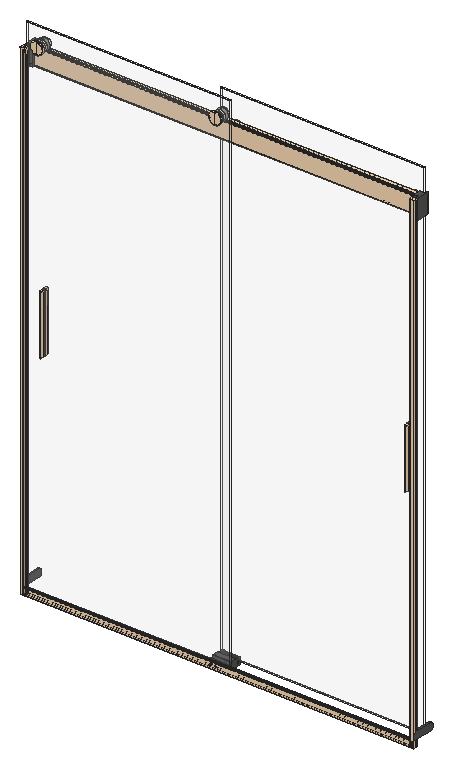
Revit family "Shower-Shower_Door-KOHLER-Levity-K-706383_1", category Specialty Equipment, host Face, Revit 2021 (continued)
Definition of nested family "K-706383"
  Lines and regions (in)
    symbolic lines, detail levels medium+fine
      curve 168: arc (-2.67973, 1.17016, 0) -> (-2.66535, 1.17976, 0) -> (-2.6484, 1.18313, 0) r 0.0443
      curve 169: line (-1.29024, 0.85754, 0) -> (-1.29024, 1.14013, 0)
      curve 170: line (-1.29024, 1.14013, 0) -> (-1.32166, 1.17155, 0)
      curve 171: arc (-1.32166, 1.17155, 0) -> (-1.3345, 1.18012, 0) -> (-1.34964, 1.18313, 0) r 0.03956
      curve 172: line (-1.29024, 0.85754, 0) -> (-1.2557, 0.85754, 0)
      curve 173: arc (-1.2557, 0.85754, 0) -> (-1.18604, 0.66967, 0) -> (-1.2557, 0.48179, 0) r 0.28819
      curve 174: arc (-2.7443, 0.85754, 0) -> (-2.81778, 0.66967, 0) -> (-2.7443, 0.48179, 0) r 0.27693
      curve 175: line (-1.2557, 0.48179, 0) -> (-1.45253, 0.48179, 0)
      curve 176: line (-1.45253, 0.48179, 0) -> (-1.45253, 0.35633, 0)
      curve 177: line (-1.45253, 0.35633, 0) -> (-1.28916, 0.35633, 0)
      curve 178: line (-1.28916, 0.35633, 0) -> (-1.28916, 0.156, 0)
      curve 179: line (-2.54747, 0.35633, 0) -> (-1.45253, 0.35633, 0)
      curve 180: line (-2.54747, 0.48179, 0) -> (-1.45253, 0.48179, 0)
      curve 181: line (-2.70976, 0.85754, 0) -> (-1.29024, 0.85754, 0)
      curve 182: line (-2.70976, 1.14013, 0) -> (-1.29024, 1.14013, 0)
      curve 183: line (-1.45253, 0.4011, 0) -> (-0.46585, 0.4011, 0)
      curve 184: line (-30.55611, -0.37699, 0) -> (-29.67101, -0.37699, 0)
      curve 185: line (-28.29206, -0.37699, 0) -> (-2.65912, -0.37699, 0)
      curve 186: line (-1.34088, -0.37699, 0) -> (27.55906, -0.37699, 0)
      curve 187: line (27.55906, -0.33981, 0) -> (27.55906, -0.77438, 0)
      curve 188: line (28.29811, -0.2499, 0) -> (27.64896, -0.2499, 0)
      curve 189: arc (27.64896, -0.2499, 0) -> (27.58539, -0.27623, 0) -> (27.55906, -0.33981, 0) r 0.08991
      curve 190: line (27.96796, -0.08606, 0) -> (27.96796, -0.2499, 0)
      curve 191: line (27.9967, -0.22215, 0) -> (28.26953, -0.22215, 0)
      curve 192: arc (28.26953, -0.22215, 0) -> (28.28974, -0.21377, 0) -> (28.29811, -0.19356, 0) r 0.02858
      curve 193: arc (27.96796, -0.19341, 0) -> (27.97638, -0.21373, 0) -> (27.9967, -0.22215, 0) r 0.02874
      curve 194: line (27.29521, 0.4011, 0) -> (27.29521, 1.34403, 0)
      curve 195: line (27.96796, 0.27119, 0) -> (27.96796, 1.49455, 0)
      curve 196: line (28.269, 1.8242, 0) -> (27.99632, 1.82065, 0)
      curve 197: arc (27.99632, 1.82065, 0) -> (27.97624, 1.8121, 0) -> (27.96796, 1.79191, 0) r 0.02874
      curve 198: arc (28.29811, 1.79546, 0) -> (28.28956, 1.81592, 0) -> (28.269, 1.8242, 0) r 0.02874
      curve 199: line (-1.69211, 1.89685, 0) -> (-0.37387, 1.89685, 0)
      curve 200: line (-1.69211, 2.19273, 0) -> (-0.37387, 2.19273, 0)
      curve 201: line (-1.96878, 2.23255, 0) -> (-0.09719, 2.23255, 0)
      curve 202: line (-0.09719, 2.35828, 0) -> (-1.96878, 2.35828, 0)
      curve 203: line (-1.74383, 1.58485, 0) -> (-0.32215, 1.58485, 0)
      curve 204: line (-1.58046, 1.38684, 0) -> (-0.48552, 1.38684, 0)
      curve 205: line (25.29164, 2.39994, 0) -> (25.54957, 2.39994, 0)
      curve 206: line (25.26462, 2.19273, 0) -> (26.63431, 2.19273, 0)
      curve 207: line (25.03951, 2.3584, 0) -> (26.91087, 2.3584, 0)
      curve 208: line (26.91087, 2.23243, 0) -> (25.03951, 2.23243, 0)
      curve 209: line (25.23305, 1.89685, 0) -> (26.63431, 1.89699, 0)
      curve 210: line (25.23305, 1.58486, 0) -> (26.68603, 1.58485, 0)
      curve 211: line (25.3199, 2.19273, 0) -> (25.3199, 1.89686, 0)
      curve 212: line (26.52266, 1.38684, 0) -> (25.26435, 1.38684, 0)
      curve 213: line (25.26435, 1.38684, 0) -> (25.26435, 1.58486, 0)
      curve 214: line (25.42772, 1.38684, 0) -> (25.42772, 1.34403, 0)
      curve 215: line (-30.31778, 1.00859, 0) -> (-29.72165, 1.00859, 0)
      curve 216: line (27.29521, 0.92184, 0) -> (-1.29024, 0.92184, 0)
      curve 217: line (27.29521, 0.87188, 0) -> (-1.29024, 0.87188, 0)
      curve 218: line (27.29521, 0.46738, 0) -> (-1.45253, 0.46738, 0)
      curve 219: line (-29.72165, 0.92184, 0) -> (-30.31778, 0.92184, 0)
      curve 220: line (-29.72165, 0.87188, 0) -> (-30.31778, 0.87188, 0)
      curve 221: line (-29.55936, 0.46738, 0) -> (-30.31778, 0.46738, 0)
      curve 222: line (-28.30214, 1.00859, 0) -> (-2.70976, 1.00859, 0)
      curve 223: line (-2.70976, 0.92184, 0) -> (-28.30214, 0.92184, 0)
      curve 224: line (-2.70976, 0.87188, 0) -> (-28.30214, 0.87188, 0)
      curve 225: line (-1.29024, 1.00859, 0) -> (27.29521, 1.00859, 0)
      curve 226: line (-2.54475, 0.46738, 0) -> (-28.46443, 0.46738, 0)
      curve 227: line (-3.23838, 1.34403, 0) -> (-0.46585, 1.34403, 0)
      curve 228: line (-3.23838, 1.49801, 0) -> (-0.46585, 1.49801, 0)
      curve 229: line (-3.23838, 2.01159, 0) -> (-0.46585, 2.01159, 0)
      curve 230: line (-3.23838, -0.156, 0) -> (-3.23838, -0.37699, 0)
  Dimensions and locks (in)
    "Walk Thru": plane 4 to plane 3 "Center (Left/Right)"
    plane 5 to plane 4 = 0.73906"
    plane 6 to plane 5 = 59.60638"
    "Fixed Panel": plane 3 "Center (Left/Right)" to plane 6
    plane 8 to level = 77.55906"
    plane 9 to level = 32.99213"
    locked: plane 10 to plane 9 at 9.01575
    locked: plane 11 "s1" to plane 6 at 2.29637
    locked: plane 12 to plane 6 at 0.29533
    locked: plane 6 to plane 13 at 2.85102
    plane 16 "S3" to plane 3 "Center (Left/Right)" = 1.03299"
    locked: plane 16 "S3" to plane 5 at 29.3311
    locked: plane 17 to plane 16 "S3" at 2
    locked: plane 18 "s4" to plane 5 at 2.32293
    locked: plane 19 to plane 5 at 0.33016
    locked: plane 18 "s4" to plane 20 at 0.55464
    locked: plane 22 to plane 21 at 2.55906
    plane 21 to level = 71.5748"
    locked: plane 6 to Extrusion 1 sketch curve at 0.75216
    plane 24 to plane 23 = 3.46457"
    locked: plane 6 to Extrusion 4 sketch curve at 0.99049
    locked: Extrusion 10 sketch curve to plane 13 at 0.1875
    Extrusion 10 sketch curve to Extrusion 10 sketch curve = 3/8"
    Extrusion 11 sketch curve to Extrusion 11 sketch curve = 3/8"
    locked: Extrusion 21 sketch curve to plane 20 at 0.1875
    locked: Extrusion 21 sketch curve to Extrusion 21 sketch curve at 0.375
    locked: Extrusion 22 sketch curve to Extrusion 22 sketch curve at 0.375
    Masking region 3 sketch curve to plane 3 "Center (Left/Right)" = 3.23838"
    locked: Extrusion 27 sketch curve to plane 13 at 0.1875
    locked: Extrusion 27 sketch curve to Extrusion 27 sketch curve at 0.37532  (x2)
    locked: Extrusion 28 sketch curve to plane 20 at 0.1875
    locked: Extrusion 28 sketch curve to Extrusion 28 sketch curve at 0.375  (x2)
    aligned and locked: plane 2 to level
    aligned and locked: Extrusion 1 sketch curve to plane 6  (x2)
    aligned and locked: Extrusion 2 sketch curve to plane 6
    aligned and locked: Extrusion 2 sketch curve to Extrusion 1
    aligned and locked: Extrusion 4 sketch curve to plane 6
    aligned and locked: Extrusion 5 to plane 6
    aligned and locked: plane 12 to Extrusion 5
    aligned and locked: Extrusion 6 to plane 12
    aligned and locked: plane 19 to Extrusion 6
    aligned and locked: plane 19 to Extrusion 7
    aligned and locked: Extrusion 7 to plane 12
    aligned and locked: Extrusion 8 sketch curve to plane 12
    aligned and locked: Extrusion 8 sketch curve to plane 3 "Center (Left/Right)"
    aligned and locked: Extrusion 16 sketch curve to plane 17
    aligned and locked: Extrusion 16 sketch curve to plane 19
    aligned and locked: plane 8 to Extrusion 16
    aligned and locked: Extrusion 17 sketch curve to plane 4
    aligned and locked: plane 5 to Extrusion 17 sketch curve  (x2)
    aligned and locked: Extrusion 18 sketch curve to plane 4
    aligned and locked: Extrusion 18 sketch curve to plane 5
    aligned and locked: plane 5 to Extrusion 19 sketch curve
    aligned and locked: Extrusion 19 sketch curve to plane 19  (x2)
    aligned and locked: Extrusion 20 to plane 5
    aligned and locked: Extrusion 20 to plane 19
    aligned and locked: Masking region 1 sketch curve to plane 12
    aligned and locked: Masking region 1 sketch curve to plane 6
    aligned and locked: Masking region 1 sketch curve to plane 19
    aligned and locked: Masking region 1 sketch curve to plane 5
    aligned and locked: curve 1 to Revolve 3
    aligned and locked: curve 2 to Revolve 3
    aligned and locked: curve 6 to cut or joined group of Extrusion 1, Extrusion 2
    aligned and locked: curve 20 to Extrusion 10
    aligned and locked: curve 26 to Extrusion 21
    aligned and locked: curve 27 to Extrusion 21
    aligned and locked: Masking region 3 sketch curve to plane 6
    aligned and locked: Masking region 3 sketch curve to Extrusion 8
    aligned and locked: Masking region 3 sketch curve to plane 12
    aligned and locked: Masking region 3 sketch curve to Extrusion 12
    aligned and locked: Masking region 3 sketch curve to plane 19  (x2)
    aligned and locked: Masking region 3 sketch curve to plane 5
    aligned and locked: Masking region 4 sketch curve to plane 17
    aligned and locked: Masking region 4 sketch curve to plane 19
    aligned and locked: curve 187 to plane 4
    aligned and locked: Extrusion 24 to plane 12
    aligned and locked: plane 19 to Extrusion 24
    aligned and locked: Extrusion 25 sketch curve to plane 6
    aligned and locked: Extrusion 26 to plane 12
    aligned and locked: plane 19 to Extrusion 26
    aligned and locked: curve 202 to Masking region 4
    aligned and locked: Masking region 4 to curve 201
    aligned and locked: curve 200 to Masking region 4
    aligned and locked: Masking region 4 to curve 199
    aligned and locked: curve 203 to Masking region 4
    aligned and locked: curve 204 to Masking region 4
    aligned and locked: Masking region 4 to curve 204
    aligned and locked: Masking region 4 to curve 203
    aligned and locked: curve 199 to Masking region 4
    aligned and locked: Masking region 4 to curve 200
    aligned and locked: curve 201 to Masking region 4
    aligned and locked: Masking region 4 to curve 202
    aligned and locked: Masking region 3 to curve 229  (x2)
    aligned and locked: Masking region 3 to curve 228  (x2)
    aligned and locked: Masking region 3 to curve 227
    aligned and locked: curve 227 to Masking region 3
  Automatic sketch dimensions
    plane 7 to Revolve 3 sketch curve = 0"  (x2)
    Revolve 3 sketch curve to plane 7 = 0.09308"
    Revolve 3 sketch curve to plane 7 = 0.52573"
    Revolve 3 sketch curve to Revolve 3 sketch curve = 0.02173"
    Revolve 3 sketch curve to Revolve 3 sketch curve = 0.12189"
    Revolve 3 sketch curve to Revolve 3 sketch curve = 0.56604"
    Revolve 3 sketch curve to Revolve 3 sketch curve = 0.02902"
    Revolve 3 sketch curve to Revolve 3 sketch curve = 0.03311"
    Revolve 3 sketch curve to Revolve 3 sketch curve = 0.16338"
    Revolve 3 sketch curve to Revolve 3 sketch curve = 0.03346"
    Revolve 3 sketch curve to Revolve 3 sketch curve = 0.03455"
    plane 24 to Revolve 3 sketch curve = 0.20736"
    Revolve 3 sketch curve to Revolve 3 sketch curve = 0.23502"
    plane 24 to Revolve 3 sketch curve = 0.41457"
    Revolve 3 sketch curve to Revolve 3 sketch curve = 0.00185"
    plane 24 to Revolve 3 sketch curve = 0.2489"
    Revolve 3 sketch curve to Revolve 3 sketch curve = 0.04153"
    plane 1 "Center (Front/Back)" to Revolve 3 sketch curve = 0.15652"
    Revolve 3 sketch curve to plane 1 "Center (Front/Back)" = 0.156"
    Revolve 3 sketch curve to Revolve 3 sketch curve = 0.20033"
    Revolve 3 sketch curve to Revolve 3 sketch curve = 0.12547"
    Revolve 3 sketch curve to Revolve 3 sketch curve = 0.18787"
    Revolve 3 sketch curve to Revolve 3 sketch curve = 0.28233"
    Revolve 3 sketch curve to Revolve 3 sketch curve = 0.00025"
    Revolve 3 sketch curve to Revolve 3 sketch curve = 0.03112"
    Revolve 3 sketch curve to Revolve 3 sketch curve = 0.03969"
    Revolve 3 sketch curve to Revolve 3 sketch curve = 0"
    Revolve 3 sketch curve to plane 24 = 0.30346"
    Extrusion 5 sketch curve to plane 23 = 0"
    plane 24 to Extrusion 5 sketch curve = 0.033"
    level to Extrusion 5 sketch curve = 2.13356"
    Extrusion 5 sketch curve to Extrusion 5 sketch curve = 0.24987"
    Extrusion 5 sketch curve to Extrusion 5 sketch curve = 0.57403"
    Extrusion 5 sketch curve to Extrusion 5 sketch curve = 1/4"
    Extrusion 6 sketch curve to level = 0"  (x2)
    Extrusion 6 sketch curve to Extrusion 6 sketch curve = 0.01882"
    Extrusion 6 sketch curve to Extrusion 6 sketch curve = 0.01948"
    Extrusion 6 sketch curve to Extrusion 6 sketch curve = 0.02377"
    Extrusion 6 sketch curve to Extrusion 6 sketch curve = 0.05481"
    Extrusion 6 sketch curve to Extrusion 6 sketch curve = 0.05421"
    level to Extrusion 6 sketch curve = 0.07617"
    Extrusion 6 sketch curve to Extrusion 6 sketch curve = 0.07691"
    Extrusion 6 sketch curve to Extrusion 6 sketch curve = 0.01585"
    Extrusion 6 sketch curve to Extrusion 6 sketch curve = 0.05121"
    Extrusion 6 sketch curve to Extrusion 6 sketch curve = 0.07843"
    Extrusion 6 sketch curve to Extrusion 6 sketch curve = 0.01069"
    Extrusion 6 sketch curve to Extrusion 6 sketch curve = 0.06287"
    Extrusion 6 sketch curve to Extrusion 6 sketch curve = 0.0014"
    Extrusion 6 sketch curve to Extrusion 6 sketch curve = 0.01314"
    Extrusion 6 sketch curve to Extrusion 6 sketch curve = 0.10024"
    Extrusion 6 sketch curve to Extrusion 6 sketch curve = 0.00018"
    Extrusion 6 sketch curve to Extrusion 6 sketch curve = 0.11519"
    Extrusion 6 sketch curve to Extrusion 6 sketch curve = 0.00078"
    Extrusion 6 sketch curve to Extrusion 6 sketch curve = 0.38075"
    Extrusion 6 sketch curve to Extrusion 6 sketch curve = 0.00146"
    plane 24 to Extrusion 6 sketch curve = 0.4012"
    Extrusion 6 sketch curve to Extrusion 6 sketch curve = 0.03416"
    plane 24 to Extrusion 6 sketch curve = 0.31227"
    Extrusion 6 sketch curve to Extrusion 6 sketch curve = 0.00381"
    plane 1 "Center (Front/Back)" to Extrusion 6 sketch curve = 0.37959"
    Extrusion 6 sketch curve to Extrusion 6 sketch curve = 0.05057"
    Extrusion 6 sketch curve to Extrusion 6 sketch curve = 0.00122"
    Extrusion 6 sketch curve to Extrusion 6 sketch curve = 0.04093"
    Extrusion 6 sketch curve to Extrusion 6 sketch curve = 0.04531"
    Extrusion 6 sketch curve to Extrusion 6 sketch curve = 0.00304"
    Extrusion 6 sketch curve to Extrusion 6 sketch curve = 0.03323"
    Extrusion 6 sketch curve to Extrusion 6 sketch curve = 0.02088"
    Extrusion 6 sketch curve to Extrusion 6 sketch curve = 0.00043"
    Extrusion 6 sketch curve to Extrusion 6 sketch curve = 0.01301"
    Extrusion 6 sketch curve to Extrusion 6 sketch curve = 0.01922"
    Extrusion 6 sketch curve to Extrusion 6 sketch curve = 0.0509"
    Extrusion 6 sketch curve to level = 0.01209"
    plane 24 to Extrusion 6 sketch curve = 0.0876"
    Extrusion 6 sketch curve to Extrusion 6 sketch curve = 0.28394"
    plane 24 to Extrusion 6 sketch curve = 0.0583"
    Extrusion 6 sketch curve to Extrusion 6 sketch curve = 0.12996"
    plane 1 "Center (Front/Back)" to Extrusion 6 sketch curve = 0.10741"
    Extrusion 6 sketch curve to Extrusion 6 sketch curve = 0.01231"
    Extrusion 6 sketch curve to Extrusion 6 sketch curve = 0.29622"
    Extrusion 6 sketch curve to Extrusion 6 sketch curve = 0.03031"
    Extrusion 6 sketch curve to Extrusion 6 sketch curve = 0.02299"
    Extrusion 6 sketch curve to Extrusion 6 sketch curve = 0.0327"
    Extrusion 6 sketch curve to Extrusion 6 sketch curve = 0.02676"
    Extrusion 6 sketch curve to Extrusion 6 sketch curve = 0.00971"
    Extrusion 6 sketch curve to Extrusion 6 sketch curve = 0.00612"
    Extrusion 6 sketch curve to Extrusion 6 sketch curve = 0.01994"
    Extrusion 6 sketch curve to Extrusion 6 sketch curve = 0.0183"
    Extrusion 6 sketch curve to Extrusion 6 sketch curve = 0.09304"
    Extrusion 6 sketch curve to Extrusion 6 sketch curve = 0.05382"
    Extrusion 6 sketch curve to Extrusion 6 sketch curve = 0.00009"
    Extrusion 6 sketch curve to Extrusion 6 sketch curve = 0.01042"
    Extrusion 6 sketch curve to Extrusion 6 sketch curve = 0.0066"
    Extrusion 6 sketch curve to Extrusion 6 sketch curve = 0.03247"
    Extrusion 6 sketch curve to Extrusion 6 sketch curve = 0.04991"
    Extrusion 6 sketch curve to Extrusion 6 sketch curve = 0.01967"
    Extrusion 6 sketch curve to Extrusion 6 sketch curve = 0.10511"
    Extrusion 6 sketch curve to Extrusion 6 sketch curve = 0.04894"
    Extrusion 6 sketch curve to Extrusion 6 sketch curve = 0.05278"
    Extrusion 6 sketch curve to Extrusion 6 sketch curve = 0.00234"
    Extrusion 6 sketch curve to Extrusion 6 sketch curve = 0.01744"
    Extrusion 6 sketch curve to Extrusion 6 sketch curve = 0.07195"
    Extrusion 6 sketch curve to Extrusion 6 sketch curve = 0.02457"
    Extrusion 6 sketch curve to Extrusion 6 sketch curve = 0.02351"
    Extrusion 6 sketch curve to Extrusion 6 sketch curve = 0"  (x5)
    Extrusion 6 sketch curve to Extrusion 6 sketch curve = 0.01117"
    level to Extrusion 6 sketch curve = 0.06217"
    Extrusion 6 sketch curve to Extrusion 6 sketch curve = 0.02859"
    Extrusion 7 sketch curve to plane 22 = 0"  (x2)
    Extrusion 7 sketch curve to plane 21 = 0"
    Extrusion 7 sketch curve to plane 22 = 0.01963"
    Extrusion 7 sketch curve to plane 22 = 0.05022"
    Extrusion 7 sketch curve to Extrusion 7 sketch curve = 0.02463"
    Extrusion 7 sketch curve to plane 22 = 0.07879"
    Extrusion 7 sketch curve to Extrusion 7 sketch curve = 0.03142"
    Extrusion 7 sketch curve to plane 22 = 0.11244"
    Extrusion 7 sketch curve to Extrusion 7 sketch curve = 0.03783"
    Extrusion 7 sketch curve to plane 22 = 0.11637"
    Extrusion 7 sketch curve to Extrusion 7 sketch curve = 1/64"
    Extrusion 7 sketch curve to Extrusion 7 sketch curve = 0.01791"
    Extrusion 7 sketch curve to Extrusion 7 sketch curve = 0.02181"
    Extrusion 7 sketch curve to Extrusion 7 sketch curve = 0.03214"
    Extrusion 7 sketch curve to Extrusion 7 sketch curve = 0.0462"
    Extrusion 7 sketch curve to Extrusion 7 sketch curve = 0.06479"
    Extrusion 7 sketch curve to Extrusion 7 sketch curve = 0"
    Extrusion 7 sketch curve to Extrusion 7 sketch curve = 0.01484"
    Extrusion 7 sketch curve to Extrusion 7 sketch curve = 0.1"
    Extrusion 7 sketch curve to Extrusion 7 sketch curve = 0.01867"
    Extrusion 7 sketch curve to Extrusion 7 sketch curve = 0.01379"
    Extrusion 7 sketch curve to Extrusion 7 sketch curve = 0.01979"
    Extrusion 7 sketch curve to Extrusion 7 sketch curve = 0.02164"
    Extrusion 7 sketch curve to Extrusion 7 sketch curve = 0.0623"
    Extrusion 7 sketch curve to Extrusion 7 sketch curve = 0.08091"
    Extrusion 7 sketch curve to Extrusion 7 sketch curve = 0.05593"
    Extrusion 7 sketch curve to Extrusion 7 sketch curve = 0.05917"
    Extrusion 7 sketch curve to Extrusion 7 sketch curve = 0.02474"
    Extrusion 7 sketch curve to Extrusion 7 sketch curve = 0.10891"
    Extrusion 7 sketch curve to Extrusion 7 sketch curve = 0.06318"
    Extrusion 7 sketch curve to Extrusion 7 sketch curve = 0.08476"
    Extrusion 7 sketch curve to Extrusion 7 sketch curve = 0.09839"
    Extrusion 7 sketch curve to Extrusion 7 sketch curve = 0.02198"
    Extrusion 7 sketch curve to Extrusion 7 sketch curve = 0.09241"
    plane 21 to Extrusion 7 sketch curve = 0.3989"
    Extrusion 7 sketch curve to Extrusion 7 sketch curve = 0.0736"
    Extrusion 7 sketch curve to Extrusion 7 sketch curve = 0.00568"
    plane 21 to Extrusion 7 sketch curve = 0.31532"
    Extrusion 7 sketch curve to Extrusion 7 sketch curve = 0.01473"
    Extrusion 7 sketch curve to Extrusion 7 sketch curve = 0.04951"
    Extrusion 7 sketch curve to Extrusion 7 sketch curve = 0.08607"
    Extrusion 7 sketch curve to Extrusion 7 sketch curve = 0.05687"
    plane 21 to Extrusion 7 sketch curve = 0.16204"
    Extrusion 7 sketch curve to Extrusion 7 sketch curve = 0.0735"
    plane 21 to Extrusion 7 sketch curve = 0.07955"
    plane 21 to Extrusion 7 sketch curve = 0.04256"
    plane 21 to Extrusion 7 sketch curve = 0.02424"
    Extrusion 7 sketch curve to plane 25 = 0.39674"
    Extrusion 7 sketch curve to plane 25 = 0.39991"
    Extrusion 7 sketch curve to Extrusion 7 sketch curve = 0.06649"
    Extrusion 7 sketch curve to Extrusion 7 sketch curve = 0.06525"
    Extrusion 7 sketch curve to Extrusion 7 sketch curve = 0.03505"
    Extrusion 7 sketch curve to Extrusion 7 sketch curve = 0.02172"
    Extrusion 7 sketch curve to Extrusion 7 sketch curve = 0.02267"
    Extrusion 7 sketch curve to Extrusion 7 sketch curve = 0.01638"
    Extrusion 7 sketch curve to Extrusion 7 sketch curve = 0.0437"
    Extrusion 7 sketch curve to Extrusion 7 sketch curve = 0.0238"
    Extrusion 7 sketch curve to Extrusion 7 sketch curve = 0.09742"
    Extrusion 7 sketch curve to Extrusion 7 sketch curve = 0.19043"
    Extrusion 7 sketch curve to Extrusion 7 sketch curve = 1/32"
    Extrusion 7 sketch curve to Extrusion 7 sketch curve = 0.1036"
    Extrusion 7 sketch curve to Extrusion 7 sketch curve = 0.08675"
    Extrusion 7 sketch curve to Extrusion 7 sketch curve = 0.17646"
    Extrusion 7 sketch curve to Extrusion 7 sketch curve = 0.00718"
    Extrusion 7 sketch curve to Extrusion 7 sketch curve = 0.03369"
    Extrusion 7 sketch curve to Extrusion 7 sketch curve = 0.01723"
    Extrusion 7 sketch curve to Extrusion 7 sketch curve = 0.04085"
    Extrusion 7 sketch curve to Extrusion 7 sketch curve = 0.10724"
    Extrusion 7 sketch curve to Extrusion 7 sketch curve = 0.02423"
    Extrusion 7 sketch curve to Extrusion 7 sketch curve = 3/128"
    Extrusion 7 sketch curve to Extrusion 7 sketch curve = 0.03021"
    Extrusion 7 sketch curve to Extrusion 7 sketch curve = 0.07613"
    Extrusion 7 sketch curve to Extrusion 7 sketch curve = 0.11122"
    Extrusion 7 sketch curve to Extrusion 7 sketch curve = 0.00923"
    Extrusion 7 sketch curve to Extrusion 7 sketch curve = 0.00982"
    Extrusion 7 sketch curve to Extrusion 7 sketch curve = 0.01465"
    Extrusion 7 sketch curve to Extrusion 7 sketch curve = 0.05546"
    plane 7 to Revolve 9 sketch curve = 0"  (x2)
    Revolve 9 sketch curve to plane 7 = 0.09308"
    Revolve 9 sketch curve to plane 7 = 0.52573"
    Revolve 9 sketch curve to Revolve 9 sketch curve = 0.02173"
    Revolve 9 sketch curve to Revolve 9 sketch curve = 0.12189"
    Revolve 9 sketch curve to Revolve 9 sketch curve = 0.56604"
    Revolve 9 sketch curve to Revolve 9 sketch curve = 0.02902"
    Revolve 9 sketch curve to Revolve 9 sketch curve = 0.03311"
    Revolve 9 sketch curve to Revolve 9 sketch curve = 0.16338"
    Revolve 9 sketch curve to Revolve 9 sketch curve = 0.03346"
    Revolve 9 sketch curve to Revolve 9 sketch curve = 0.03455"
    plane 24 to Revolve 9 sketch curve = 0.20736"
    Revolve 9 sketch curve to Revolve 9 sketch curve = 0.23502"
    plane 24 to Revolve 9 sketch curve = 0.41457"
    Revolve 9 sketch curve to Revolve 9 sketch curve = 0.00185"
    plane 24 to Revolve 9 sketch curve = 0.2489"
    Revolve 9 sketch curve to Revolve 9 sketch curve = 0.04153"
    plane 1 "Center (Front/Back)" to Revolve 9 sketch curve = 0.15652"
    Revolve 9 sketch curve to plane 1 "Center (Front/Back)" = 0.156"
    Revolve 9 sketch curve to Revolve 9 sketch curve = 0.20033"
    Revolve 9 sketch curve to Revolve 9 sketch curve = 0.12547"
    Revolve 9 sketch curve to Revolve 9 sketch curve = 0.18787"
    Revolve 9 sketch curve to Revolve 9 sketch curve = 0.28233"
    Revolve 9 sketch curve to Revolve 9 sketch curve = 0.00025"
    Revolve 9 sketch curve to Revolve 9 sketch curve = 0.03112"
    Revolve 9 sketch curve to Revolve 9 sketch curve = 0.03969"
    Revolve 9 sketch curve to Revolve 9 sketch curve = 0"
    Revolve 9 sketch curve to plane 24 = 0.30346"
    Extrusion 10 sketch curve to plane 9 = 0"
    Extrusion 10 sketch curve to plane 10 = 0"
    Extrusion 11 sketch curve to plane 9 = 0"
    Extrusion 11 sketch curve to plane 10 = 0"
    plane 13 to Extrusion 11 sketch curve = 3/16"
    plane 13 to Extrusion 12 sketch curve = 0.187"  (x2)
    Extrusion 12 sketch curve to Extrusion 12 sketch curve = 0.02062"  (x2)
    plane 13 to Extrusion 12 sketch curve = 0.13166"  (x2)
    Extrusion 12 sketch curve to Extrusion 12 sketch curve = 0.02972"  (x2)
    Extrusion 12 sketch curve to plane 13 = 0.10197"  (x2)
    Extrusion 12 sketch curve to Extrusion 12 sketch curve = 0.0297"  (x2)
    Extrusion 12 sketch curve to plane 13 = 0.16629"  (x2)
    Extrusion 12 sketch curve to Extrusion 12 sketch curve = 0.02071"  (x2)
    plane 24 to Extrusion 12 sketch curve = 0.18787"
    Extrusion 12 sketch curve to Extrusion 12 sketch curve = 0.02627"
    Extrusion 12 sketch curve to Extrusion 12 sketch curve = 0.0263"
    plane 1 "Center (Front/Back)" to Extrusion 12 sketch curve = 0.19941"
    plane 1 "Center (Front/Back)" to Extrusion 12 sketch curve = 0.1993"
    Extrusion 12 sketch curve to Extrusion 12 sketch curve = 0.00254"
    Extrusion 12 sketch curve to plane 1 "Center (Front/Back)" = 0.176"
    Extrusion 12 sketch curve to Extrusion 12 sketch curve = 0.02077"
    Extrusion 12 sketch curve to Extrusion 12 sketch curve = 0.02087"
    Extrusion 12 sketch curve to Extrusion 12 sketch curve = 0.44956"
    Extrusion 12 sketch curve to Extrusion 12 sketch curve = 0.00003"
    Extrusion 12 sketch curve to Extrusion 12 sketch curve = 0.00365"
    Extrusion 13 sketch curve to level = 0"
    plane 24 to Extrusion 13 sketch curve = 0.36045"
    Extrusion 13 sketch curve to Extrusion 13 sketch curve = 0.0767"
    Extrusion 13 sketch curve to Extrusion 13 sketch curve = 0.02056"
    Extrusion 13 sketch curve to Extrusion 13 sketch curve = 0.02408"
    plane 1 "Center (Front/Back)" to Extrusion 13 sketch curve = 0.37665"
    Extrusion 13 sketch curve to Extrusion 13 sketch curve = 0.03427"
    plane 1 "Center (Front/Back)" to Extrusion 13 sketch curve = 0.09772"
    Extrusion 13 sketch curve to Extrusion 13 sketch curve = 0.03183"
    plane 1 "Center (Front/Back)" to Extrusion 13 sketch curve = 0.01254"
    Extrusion 13 sketch curve to plane 1 "Center (Front/Back)" = 0.00612"
    Extrusion 13 sketch curve to Extrusion 13 sketch curve = 0.02193"  (x2)
    Extrusion 13 sketch curve to plane 1 "Center (Front/Back)" = 0.03921"
    Extrusion 13 sketch curve to Extrusion 13 sketch curve = 0.08972"
    Extrusion 13 sketch curve to Extrusion 13 sketch curve = 0.19027"
    level to Extrusion 13 sketch curve = 0.21622"
    Extrusion 13 sketch curve to Extrusion 13 sketch curve = 0.0816"
    Extrusion 13 sketch curve to plane 1 "Center (Front/Back)" = 0.44457"
    Extrusion 13 sketch curve to Extrusion 13 sketch curve = 0.05027"
    Extrusion 13 sketch curve to Extrusion 13 sketch curve = 0.03646"
    Extrusion 13 sketch curve to plane 1 "Center (Front/Back)" = 0.55799"
    Extrusion 13 sketch curve to plane 25 = 0.27007"
    Extrusion 13 sketch curve to Extrusion 13 sketch curve = 0.02731"
    Extrusion 13 sketch curve to Extrusion 13 sketch curve = 0.04913"
    Extrusion 13 sketch curve to Extrusion 13 sketch curve = 0.02106"
    Extrusion 13 sketch curve to plane 25 = 0.1301"
    Extrusion 13 sketch curve to plane 25 = 0.04599"
    plane 25 to Extrusion 13 sketch curve = 0.14827"
    Extrusion 13 sketch curve to Extrusion 13 sketch curve = 0.08188"
    plane 25 to Extrusion 13 sketch curve = 0.24445"
    Extrusion 13 sketch curve to Extrusion 13 sketch curve = 0.02637"
    Extrusion 13 sketch curve to Extrusion 13 sketch curve = 0.12512"
    Extrusion 13 sketch curve to Extrusion 13 sketch curve = 0.02645"
    Extrusion 13 sketch curve to Extrusion 13 sketch curve = 0.24676"
    level to Extrusion 13 sketch curve = 0.0926"
    Extrusion 13 sketch curve to Extrusion 13 sketch curve = 0.03524"
    level to Extrusion 13 sketch curve = 0.13878"
    level to Extrusion 13 sketch curve = 0.13999"
    Extrusion 13 sketch curve to Extrusion 13 sketch curve = 0.07982"
    Extrusion 13 sketch curve to Extrusion 13 sketch curve = 0.08047"
    Extrusion 13 sketch curve to Extrusion 13 sketch curve = 0.08816"
    Extrusion 13 sketch curve to Extrusion 13 sketch curve = 0.1279"
    Extrusion 13 sketch curve to Extrusion 13 sketch curve = 0.00854"
    Extrusion 13 sketch curve to Extrusion 13 sketch curve = 0.02484"
    Extrusion 13 sketch curve to Extrusion 13 sketch curve = 0.0289"
    Extrusion 13 sketch curve to Extrusion 13 sketch curve = 0.53755"
    Extrusion 13 sketch curve to Extrusion 13 sketch curve = 0.00035"
    Extrusion 13 sketch curve to Extrusion 13 sketch curve = 0.14019"
    Extrusion 13 sketch curve to Extrusion 13 sketch curve = 0.80916"
    Extrusion 13 sketch curve to Extrusion 13 sketch curve = 0.0011"
    Extrusion 13 sketch curve to Extrusion 13 sketch curve = 0.01903"
    Extrusion 13 sketch curve to Extrusion 13 sketch curve = 0.00889"
    Extrusion 13 sketch curve to Extrusion 13 sketch curve = 0.00011"
    Extrusion 13 sketch curve to Extrusion 13 sketch curve = 0.00046"
    Extrusion 13 sketch curve to Extrusion 13 sketch curve = 3.15459"
    Extrusion 13 sketch curve to Extrusion 13 sketch curve = 0.02757"
    plane 15 to Revolve 14 sketch curve = 0"  (x2)
    Revolve 14 sketch curve to plane 1 "Center (Front/Back)" = 0.56073"
    Revolve 14 sketch curve to Revolve 14 sketch curve = 0.01143"
    Revolve 14 sketch curve to Revolve 14 sketch curve = 0.03087"
    Revolve 14 sketch curve to Revolve 14 sketch curve = 0.04256"
    Revolve 14 sketch curve to Revolve 14 sketch curve = 0.28258"
    Revolve 14 sketch curve to Revolve 14 sketch curve = 0.18787"  (x2)
    Revolve 14 sketch curve to Revolve 14 sketch curve = 0.12547"
    Revolve 14 sketch curve to plane 25 = 0.15591"
    plane 25 to Revolve 14 sketch curve = 0.15622"
    Revolve 14 sketch curve to Revolve 14 sketch curve = 0.29574"
    Revolve 14 sketch curve to Revolve 14 sketch curve = 0.03969"
    Revolve 14 sketch curve to Revolve 14 sketch curve = 0.12599"
    Revolve 14 sketch curve to Revolve 14 sketch curve = 0.04153"  (x2)
    Revolve 14 sketch curve to plane 15 = 0.09308"
    Revolve 14 sketch curve to plane 15 = 0.52573"
    Revolve 14 sketch curve to Revolve 14 sketch curve = 0.02173"
    Revolve 14 sketch curve to Revolve 14 sketch curve = 0.12189"
    Revolve 14 sketch curve to Revolve 14 sketch curve = 0.56604"
    Revolve 14 sketch curve to Revolve 14 sketch curve = 0.18402"
    Revolve 14 sketch curve to Revolve 14 sketch curve = 0.16338"
    Revolve 14 sketch curve to Revolve 14 sketch curve = 0.03455"
    Revolve 14 sketch curve to Revolve 14 sketch curve = 0.23502"
    Revolve 14 sketch curve to Revolve 14 sketch curve = 0.00185"
    Revolve 14 sketch curve to Revolve 14 sketch curve = 0"
    Revolve 14 sketch curve to plane 23 = 0.31034"
    plane 15 to Revolve 15 sketch curve = 0"  (x2)
    Revolve 15 sketch curve to plane 1 "Center (Front/Back)" = 0.56073"
    Revolve 15 sketch curve to Revolve 15 sketch curve = 0.01143"
    Revolve 15 sketch curve to Revolve 15 sketch curve = 0.03087"
    Revolve 15 sketch curve to Revolve 15 sketch curve = 0.04256"
    Revolve 15 sketch curve to Revolve 15 sketch curve = 0.28258"
    Revolve 15 sketch curve to Revolve 15 sketch curve = 0.18787"  (x2)
    Revolve 15 sketch curve to Revolve 15 sketch curve = 0.12547"
    Revolve 15 sketch curve to plane 25 = 0.15591"
    plane 25 to Revolve 15 sketch curve = 0.15622"
    Revolve 15 sketch curve to Revolve 15 sketch curve = 0.29574"
    Revolve 15 sketch curve to Revolve 15 sketch curve = 0.03969"
    Revolve 15 sketch curve to Revolve 15 sketch curve = 0.12599"
    Revolve 15 sketch curve to Revolve 15 sketch curve = 0.04153"  (x2)
    Revolve 15 sketch curve to plane 15 = 0.09308"
    Revolve 15 sketch curve to plane 15 = 0.52573"
    Revolve 15 sketch curve to Revolve 15 sketch curve = 0.02173"
    Revolve 15 sketch curve to Revolve 15 sketch curve = 0.12189"
    Revolve 15 sketch curve to Revolve 15 sketch curve = 0.56604"
    Revolve 15 sketch curve to Revolve 15 sketch curve = 0.18402"
    Revolve 15 sketch curve to Revolve 15 sketch curve = 0.16338"
    Revolve 15 sketch curve to Revolve 15 sketch curve = 0.03455"
    Revolve 15 sketch curve to Revolve 15 sketch curve = 0.23502"
    Revolve 15 sketch curve to Revolve 15 sketch curve = 0.00185"
    Revolve 15 sketch curve to Revolve 15 sketch curve = 0"
    Revolve 15 sketch curve to plane 23 = 0.31034"
    Extrusion 17 sketch curve to plane 24 = 0"
    plane 4 to Extrusion 17 sketch curve = 0.06152"
    Extrusion 17 sketch curve to Extrusion 17 sketch curve = 0.02824"
    Extrusion 17 sketch curve to Extrusion 17 sketch curve = 0.02838"
    Extrusion 17 sketch curve to Extrusion 17 sketch curve = 0.01102"
    plane 1 "Center (Front/Back)" to Extrusion 17 sketch curve = 0.33981"
    Extrusion 17 sketch curve to Extrusion 17 sketch curve = 0.06029"
    Extrusion 18 sketch curve to plane 24 = 0"
    Extrusion 18 sketch curve to Extrusion 18 sketch curve = 0.08976"
    Extrusion 18 sketch curve to Extrusion 18 sketch curve = 0.08991"
    plane 1 "Center (Front/Back)" to Extrusion 18 sketch curve = 0.33981"
    Extrusion 20 sketch curve to plane 23 = 0"
    plane 24 to Extrusion 20 sketch curve = 0.033"
    level to Extrusion 20 sketch curve = 2.13356"
    Extrusion 20 sketch curve to Extrusion 20 sketch curve = 0.24987"
    Extrusion 20 sketch curve to Extrusion 20 sketch curve = 0.57403"
    Extrusion 20 sketch curve to Extrusion 20 sketch curve = 1/4"
    Extrusion 21 sketch curve to plane 9 = 0"
    Extrusion 21 sketch curve to plane 10 = 0"
    Extrusion 22 sketch curve to plane 9 = 0"
    Extrusion 22 sketch curve to plane 10 = 0"
    plane 20 to Extrusion 22 sketch curve = 3/16"
    plane 20 to Extrusion 23 sketch curve = 0.18695"  (x2)
    Extrusion 23 sketch curve to Extrusion 23 sketch curve = 0.02062"  (x2)
    plane 20 to Extrusion 23 sketch curve = 0.13162"  (x2)
    Extrusion 23 sketch curve to Extrusion 23 sketch curve = 0.02972"  (x2)
    Extrusion 23 sketch curve to plane 20 = 0.10202"  (x2)
    Extrusion 23 sketch curve to Extrusion 23 sketch curve = 0.0297"  (x2)
    Extrusion 23 sketch curve to plane 20 = 0.16634"  (x2)
    Extrusion 23 sketch curve to Extrusion 23 sketch curve = 0.02071"  (x2)
    Extrusion 23 sketch curve to plane 25 = 0.6762"
    Extrusion 23 sketch curve to Extrusion 23 sketch curve = 0.02627"
    Extrusion 23 sketch curve to Extrusion 23 sketch curve = 0.0263"
    Extrusion 23 sketch curve to plane 25 = 0.19933"
    Extrusion 23 sketch curve to plane 25 = 51/256"
    Extrusion 23 sketch curve to Extrusion 23 sketch curve = 0.00254"
    plane 25 to Extrusion 23 sketch curve = 0.17592"
    Extrusion 23 sketch curve to Extrusion 23 sketch curve = 0.02077"
    Extrusion 23 sketch curve to Extrusion 23 sketch curve = 0.02087"
    plane 23 to Extrusion 23 sketch curve = 0.2134"
    Extrusion 23 sketch curve to Extrusion 23 sketch curve = 0.00003"
    Extrusion 23 sketch curve to Extrusion 23 sketch curve = 0.00365"
    curve 58 to plane 9 = 0"
    curve 58 to plane 10 = 0"
    curve 59 to plane 10 = 0"
    curve 59 to plane 9 = 0"
    curve 57 to plane 9 = 0"
    curve 57 to plane 10 = 0"
    curve 55 to plane 10 = 0"
    curve 55 to plane 9 = 0"
    curve 56 to plane 9 = 0"
    curve 56 to plane 10 = 0"
    curve 54 to plane 9 = 0"
    curve 54 to plane 10 = 0"
    curve 52 to plane 10 = 0"
    curve 52 to plane 9 = 0"
    curve 51 to plane 10 = 0"
    curve 51 to plane 9 = 0"
    curve 53 to plane 10 = 0"
    curve 53 to plane 9 = 0"
    plane 24 to curve 63 = 0.033"
    plane 24 to curve 81 = 0.12399"
    plane 1 "Center (Front/Back)" to curve 89 = 0.32991"
    curve 80 to curve 67 = 0.05501"
    plane 1 "Center (Front/Back)" to curve 74 = 0.156"
    curve 72 to plane 25 = 0.24276"
    curve 72 to curve 71 = 0.04913"
    curve 70 to curve 69 = 0.02106"
    curve 68 to plane 25 = 0.15373"
    plane 25 to curve 47 = 0.08712"
    level to curve 63 = 2.13356"
    level to curve 72 = 1.07164"
    level to curve 88 = 1.05967"
    curve 63 to curve 67 = 0"
    curve 90 to curve 67 = 0"
    curve 71 to curve 72 = 0.02158"
    curve 69 to curve 70 = 0.01999"
    curve 73 to curve 67 = 0.38898"
    curve 69 to curve 69 = 23/64"
    curve 46 to plane 21 = 0.22415"
    plane 22 to curve 81 = 0.19459"
    plane 22 to curve 47 = 0.19459"
    plane 24 to curve 83 = 0.05834"
    plane 24 to curve 93 = 0.05834"
    curve 93 to curve 85 = 0.01045"
    curve 82 to curve 77 = 0.01934"
    curve 90 to curve 84 = 0.01946"
    curve 32 to curve 92 = 0.01946"
    curve 84 to curve 77 = 0.03718"
    plane 24 to curve 41 = 0.2489"
    curve 77 to curve 76 = 0.08508"
    curve 41 to curve 40 = 0.12599"
    curve 40 to curve 39 = 0.03969"
    curve 89 to curve 78 = 0.05501"
    curve 67 to curve 87 = 0.00734"
    curve 62 to curve 79 = 0.00734"
    curve 87 to curve 75 = 0.04677"
    curve 87 to curve 76 = 0.04677"
    curve 87 to curve 67 = 0.04677"
    curve 79 to curve 50 = 0.04677"
    curve 79 to curve 62 = 0.04677"
    plane 1 "Center (Front/Back)" to curve 58 = 0.22079"
    curve 58 to curve 59 = 0.04479"
    plane 1 "Center (Front/Back)" to curve 38 = 0.15652"
    curve 59 to curve 57 = 0.02"
    curve 50 to curve 49 = 0.06479"
    curve 62 to curve 61 = 0.06479"
    curve 67 to curve 66 = 0.06479"
    curve 73 to plane 1 "Center (Front/Back)" = 0.03147"
    curve 66 to plane 1 "Center (Front/Back)" = 0.156"
    curve 37 to plane 1 "Center (Front/Back)" = 0.156"
    curve 61 to plane 1 "Center (Front/Back)" = 0.156"
    curve 49 to plane 1 "Center (Front/Back)" = 0.156"
    curve 55 to plane 1 "Center (Front/Back)" = 0.156"
    curve 55 to curve 56 = 0.02"
    curve 37 to curve 36 = 0.20033"
    curve 66 to curve 65 = 0.28901"
    curve 36 to curve 35 = 0.12547"
    curve 35 to curve 33 = 0.37575"
    curve 33 to curve 34 = 0.28258"
    curve 34 to curve 32 = 0.1716"
    curve 72 to curve 71 = 0.01795"
    curve 54 to plane 25 = 0.17592"
    curve 46 to plane 25 = 0.15592"
    curve 48 to plane 25 = 0.15592"
    curve 54 to curve 52 = 0.02"
    curve 54 to curve 52 = 0.02219"
    curve 60 to plane 25 = 0.15373"
    plane 25 to curve 42 = 0.15608"
    plane 25 to curve 51 = 0.15608"
    plane 25 to curve 60 = 0.15608"
    plane 25 to curve 65 = 0.15608"
    curve 51 to curve 53 = 0.01984"
    curve 65 to curve 64 = 0.08872"
    curve 64 to curve 64 = 0.17657"
    curve 42 to curve 43 = 0.29588"
    plane 21 to curve 44 = 0.13552"
    curve 43 to curve 44 = 0.03969"
    curve 44 to curve 45 = 0.12599"
    curve 85 to curve 62 = 0"
    curve 62 to curve 61 = 0"
    curve 72 to curve 60 = 1.06192"
    curve 85 to curve 92 = 0"
    curve 65 to curve 64 = 0"
    curve 66 to curve 65 = 0"
    curve 74 to curve 66 = 0.17137"
    curve 75 to curve 74 = 0"
    level to curve 75 = 0.15967"
    level to curve 76 = 0.07617"
    level to curve 81 = 0.07617"
    curve 82 to curve 77 = 0"
    curve 83 to curve 82 = 0"
    curve 49 to plane 21 = 0.22415"
    curve 50 to curve 49 = 0"
    curve 44 to curve 45 = 0"  (x2)
    curve 44 to curve 43 = 0.27655"
    curve 42 to curve 43 = 0"  (x2)
    curve 43 to plane 15 = 0.65912"
    curve 43 to curve 45 = 0.27655"
    curve 82 to curve 32 = 0"
    curve 93 to curve 82 = 0"
    curve 35 to plane 7 = 0.54747"
    curve 36 to curve 35 = 0"
    curve 39 to plane 7 = 0.65912"
    curve 39 to curve 38 = 0"
    curve 35 to curve 33 = 0.16229"
    curve 33 to curve 34 = 0"
    curve 36 to curve 37 = 0.16338"
    curve 39 to curve 41 = 0.27655"
    curve 41 to curve 40 = 0"
    plane 24 to Extrusion 24 sketch curve = 0.08813"
    Extrusion 24 sketch curve to Extrusion 24 sketch curve = 0.3995"
    plane 24 to Extrusion 24 sketch curve = 0.78116"
    level to Extrusion 24 sketch curve = 0"
    Extrusion 24 sketch curve to Extrusion 24 sketch curve = 0.07617"
    Extrusion 24 sketch curve to Extrusion 24 sketch curve = 1.04196"
    Extrusion 26 sketch curve to plane 21 = 0"
    plane 24 to Extrusion 26 sketch curve = 1.26524"
    Extrusion 26 sketch curve to plane 22 = 0"
    plane 24 to Extrusion 26 sketch curve = 2.20817"
    plane 13 to Extrusion 27 sketch curve = 3/16"
    plane 24 to Extrusion 27 sketch curve = 0.18787"
    plane 1 "Center (Front/Back)" to Extrusion 27 sketch curve = 0.176"
    Extrusion 27 sketch curve to plane 1 "Center (Front/Back)" = 0.176"
    Extrusion 27 sketch curve to Extrusion 27 sketch curve = 0.50028"
    Extrusion 1 sketch curve to plane 24 = 0"
    plane 6 to Extrusion 1 sketch curve = 0.06646"  (x2)
    Extrusion 1 sketch curve to plane 12 = 0.11544"
    Extrusion 1 sketch curve to plane 12 = 29/256"
    Extrusion 1 sketch curve to Extrusion 1 sketch curve = 0.02161"
    Extrusion 1 sketch curve to Extrusion 1 sketch curve = 0.01991"
    Extrusion 1 sketch curve to Extrusion 1 sketch curve = 0.02226"
    Extrusion 1 sketch curve to plane 12 = 0.03097"
    Extrusion 1 sketch curve to plane 12 = 0.03048"
    plane 12 to Extrusion 1 sketch curve = 0.03287"
    plane 12 to Extrusion 1 sketch curve = 0.03349"
    plane 12 to Extrusion 1 sketch curve = 0.0336"
    Extrusion 1 sketch curve to Extrusion 1 sketch curve = 0.02239"
    Extrusion 1 sketch curve to Extrusion 1 sketch curve = 0.11246"
    Extrusion 1 sketch curve to Extrusion 1 sketch curve = 0.13589"
    Extrusion 1 sketch curve to Extrusion 1 sketch curve = 0.04857"
    Extrusion 1 sketch curve to Extrusion 1 sketch curve = 0.04984"
    plane 24 to Extrusion 1 sketch curve = 0.09596"
    Extrusion 1 sketch curve to Extrusion 1 sketch curve = 0.00647"
    Extrusion 1 sketch curve to Extrusion 1 sketch curve = 0.00638"
    Extrusion 1 sketch curve to Extrusion 1 sketch curve = 0.10906"
    Extrusion 1 sketch curve to Extrusion 1 sketch curve = 0.12321"
    Extrusion 1 sketch curve to Extrusion 1 sketch curve = 0.00632"
    Extrusion 1 sketch curve to Extrusion 1 sketch curve = 0.01796"
    Extrusion 1 sketch curve to Extrusion 1 sketch curve = 0.03634"
    plane 24 to Extrusion 1 sketch curve = 0.05834"
    Extrusion 1 sketch curve to Extrusion 1 sketch curve = 0.01045"
    plane 24 to Extrusion 1 sketch curve = 0.06912"
    Extrusion 1 sketch curve to Extrusion 1 sketch curve = 0.03044"
    Extrusion 1 sketch curve to Extrusion 1 sketch curve = 0.01327"
    Extrusion 1 sketch curve to Extrusion 1 sketch curve = 0.0552"
    plane 1 "Center (Front/Back)" to Extrusion 1 sketch curve = 0.3523"
    Extrusion 1 sketch curve to Extrusion 1 sketch curve = 0.00013"
    Extrusion 1 sketch curve to Extrusion 1 sketch curve = 0.00403"
    Extrusion 1 sketch curve to Extrusion 1 sketch curve = 0.0041"
    Extrusion 1 sketch curve to Extrusion 1 sketch curve = 0.0151"
    Extrusion 1 sketch curve to Extrusion 1 sketch curve = 0.04773"
    Extrusion 1 sketch curve to Extrusion 1 sketch curve = 0.02622"
    Extrusion 1 sketch curve to Extrusion 1 sketch curve = 0.05501"
    Extrusion 2 sketch curve to plane 24 = 0"
    Extrusion 2 sketch curve to Extrusion 2 sketch curve = 0.10906"
    Extrusion 2 sketch curve to Extrusion 2 sketch curve = 0.10905"
    plane 1 "Center (Front/Back)" to Extrusion 2 sketch curve = 0.32984"
    Extrusion 4 sketch curve to plane 12 = 0"  (x2)
    Extrusion 4 sketch curve to Extrusion 4 sketch curve = 0.02216"
    Extrusion 4 sketch curve to plane 12 = 0.02676"
    Extrusion 4 sketch curve to plane 12 = 0.02069"
    Extrusion 4 sketch curve to plane 12 = 0.02027"
    plane 12 to Extrusion 4 sketch curve = 0.02069"
    Extrusion 4 sketch curve to Extrusion 4 sketch curve = 0.00037"
    plane 12 to Extrusion 4 sketch curve = 0.02476"
    Extrusion 4 sketch curve to Extrusion 4 sketch curve = 0.00044"  (x3)
    Extrusion 4 sketch curve to Extrusion 4 sketch curve = 0.02522"
    Extrusion 4 sketch curve to Extrusion 4 sketch curve = 0.0252"
    Extrusion 4 sketch curve to plane 25 = 0.30015"
    Extrusion 4 sketch curve to plane 1 "Center (Front/Back)" = 0.31469"
    Extrusion 4 sketch curve to plane 1 "Center (Front/Back)" = 0.30342"
    plane 1 "Center (Front/Back)" to Extrusion 4 sketch curve = 0.19403"
    Extrusion 4 sketch curve to plane 25 = 0.28881"
    plane 25 to Extrusion 4 sketch curve = 0.06136"
    plane 25 to Extrusion 4 sketch curve = 0.06496"
    Extrusion 8 sketch curve to plane 3 "Center (Left/Right)" = 0"
    plane 12 to Extrusion 8 sketch curve = 7/64"
    plane 1 "Center (Front/Back)" to Extrusion 8 sketch curve = 0.04655"
    Extrusion 8 sketch curve to Extrusion 8 sketch curve = 0.00009"
    Extrusion 8 sketch curve to plane 3 "Center (Left/Right)" = 0.10945"  (x2)
    Extrusion 8 sketch curve to plane 1 "Center (Front/Back)" = 0.04655"
    Extrusion 16 sketch curve to plane 19 = 0"
    Extrusion 16 sketch curve to plane 25 = 0.04372"
    plane 17 to Extrusion 16 sketch curve = 0.1122"
    plane 25 to Extrusion 16 sketch curve = 0.04372"
    Extrusion 16 sketch curve to Extrusion 16 sketch curve = 0.00016"
    Extrusion 16 sketch curve to plane 19 = 0.1122"  (x2)
    Extrusion 19 sketch curve to plane 19 = 0.02824"
    Extrusion 19 sketch curve to Extrusion 19 sketch curve = 0.0005"  (x2)
    Extrusion 19 sketch curve to plane 19 = 0.04554"
    Extrusion 19 sketch curve to Extrusion 19 sketch curve = 0.04635"
    Extrusion 19 sketch curve to plane 4 = 0.2351"
    Extrusion 19 sketch curve to plane 4 = 0.24231"
    Extrusion 19 sketch curve to Extrusion 19 sketch curve = 0.00038"
    Extrusion 19 sketch curve to Extrusion 19 sketch curve = 0.02874"
    plane 19 to Extrusion 19 sketch curve = 0.02837"
    plane 19 to Extrusion 19 sketch curve = 0.02874"  (x2)
    plane 5 to Extrusion 19 sketch curve = 0.02911"
    plane 5 to Extrusion 19 sketch curve = 0.02874"
    plane 5 to Extrusion 19 sketch curve = 0.02858"
    plane 1 "Center (Front/Back)" to Extrusion 19 sketch curve = 0.22215"
    Extrusion 19 sketch curve to plane 1 "Center (Front/Back)" = 0.27119"
    Extrusion 19 sketch curve to plane 1 "Center (Front/Back)" = 0.31069"
    Extrusion 19 sketch curve to plane 25 = 0.32468"
    Extrusion 19 sketch curve to plane 25 = 0.29257"
    plane 25 to Extrusion 19 sketch curve = 0.05113"
    plane 25 to Extrusion 19 sketch curve = 7/128"
    Masking region 1 sketch curve to level = 0"
    Masking region 1 sketch curve to plane 12 = 0"
    Masking region 1 sketch curve to plane 19 = 0"
    Masking region 1 sketch curve to plane 8 = 0"
    level to Masking region 1 sketch curve = 0.07941"
    Masking region 1 sketch curve to Masking region 1 sketch curve = 0.07994"
    plane 22 to Masking region 1 sketch curve = 0.19459"
    plane 22 to Masking region 1 sketch curve = 0.20811"
    Masking region 2 sketch curve to Masking region 2 sketch curve = 0"  (x4)
    Masking region 2 sketch curve to plane 24 = 0"
    Masking region 2 sketch curve to level = 0"  (x3)
    Masking region 2 sketch curve to plane 10 = 0"  (x4)
    Masking region 2 sketch curve to plane 9 = 0"  (x4)
    Masking region 2 sketch curve to plane 8 = 0"  (x2)
    Masking region 2 sketch curve to plane 23 = 0"
    plane 24 to Masking region 2 sketch curve = 0.07258"
    Masking region 2 sketch curve to Masking region 2 sketch curve = 0.01555"
    Masking region 2 sketch curve to Masking region 2 sketch curve = 0.06363"
    Masking region 2 sketch curve to Masking region 2 sketch curve = 0.02887"
    plane 24 to Masking region 2 sketch curve = 0.20736"
    Masking region 2 sketch curve to Masking region 2 sketch curve = 0.07349"
    Masking region 2 sketch curve to Masking region 2 sketch curve = 0.04153"  (x3)
    Masking region 2 sketch curve to Masking region 2 sketch curve = 0.08923"
    Masking region 2 sketch curve to Masking region 2 sketch curve = 0.03837"
    Masking region 2 sketch curve to Masking region 2 sketch curve = 0.03247"
    Masking region 2 sketch curve to Masking region 2 sketch curve = 0.12599"  (x3)
    Masking region 2 sketch curve to Masking region 2 sketch curve = 0.03969"  (x6)
    plane 1 "Center (Front/Back)" to Masking region 2 sketch curve = 0.22079"  (x4)
    plane 1 "Center (Front/Back)" to Masking region 2 sketch curve = 0.156"
    Masking region 2 sketch curve to Masking region 2 sketch curve = 0.06479"  (x3)
    plane 1 "Center (Front/Back)" to Masking region 2 sketch curve = 0.10741"
    Masking region 2 sketch curve to Masking region 2 sketch curve = 0.0097"
    Masking region 2 sketch curve to Masking region 2 sketch curve = 0.02136"
    Masking region 2 sketch curve to Masking region 2 sketch curve = 0.03183"  (x2)
    plane 1 "Center (Front/Back)" to Masking region 2 sketch curve = 0.01254"
    Masking region 2 sketch curve to plane 1 "Center (Front/Back)" = 0.03147"
    Masking region 2 sketch curve to plane 1 "Center (Front/Back)" = 0.03921"
    Masking region 2 sketch curve to Masking region 2 sketch curve = 0.08972"
    Masking region 2 sketch curve to plane 1 "Center (Front/Back)" = 0.156"  (x4)
    Masking region 2 sketch curve to Masking region 2 sketch curve = 0.19027"
    Masking region 2 sketch curve to Masking region 2 sketch curve = 0.20033"
    level to Masking region 2 sketch curve = 0.21622"
    Masking region 2 sketch curve to Masking region 2 sketch curve = 0.0816"
    Masking region 2 sketch curve to Masking region 2 sketch curve = 0.28901"
    Masking region 2 sketch curve to Masking region 2 sketch curve = 0.12547"
    Masking region 2 sketch curve to Masking region 2 sketch curve = 0.15718"
    Masking region 2 sketch curve to Masking region 2 sketch curve = 0.18787"  (x2)
    Masking region 2 sketch curve to Masking region 2 sketch curve = 0.52028"
    Masking region 2 sketch curve to Masking region 2 sketch curve = 0.3883"
    Masking region 2 sketch curve to Masking region 2 sketch curve = 0.27811"
    Masking region 2 sketch curve to Masking region 2 sketch curve = 0.00448"
    Masking region 2 sketch curve to Masking region 2 sketch curve = 0.02968"
    Masking region 2 sketch curve to Masking region 2 sketch curve = 0.01255"
    Masking region 2 sketch curve to plane 25 = 0.15592"  (x2)
    Masking region 2 sketch curve to plane 25 = 0.15373"  (x2)
    Masking region 2 sketch curve to plane 25 = 0.1301"
    Masking region 2 sketch curve to plane 25 = 0.04599"
    plane 25 to Masking region 2 sketch curve = 0.14827"
    plane 25 to Masking region 2 sketch curve = 0.15608"  (x4)
    Masking region 2 sketch curve to Masking region 2 sketch curve = 0.08188"
    Masking region 2 sketch curve to Masking region 2 sketch curve = 0.08872"
    Masking region 2 sketch curve to Masking region 2 sketch curve = 0.17657"
    Masking region 2 sketch curve to Masking region 2 sketch curve = 0.29588"  (x2)
    Masking region 2 sketch curve to Masking region 2 sketch curve = 0.24676"
    Masking region 2 sketch curve to Masking region 2 sketch curve = 0.18828"
    plane 23 to Masking region 2 sketch curve = 0.24987"
    plane 23 to Masking region 2 sketch curve = 0.18346"
    Masking region 2 sketch curve to level = 0.04217"
    Masking region 2 sketch curve to level = 0.15558"
    Masking region 2 sketch curve to Masking region 2 sketch curve = 0.01882"
    level to Masking region 2 sketch curve = 0.01948"
    Masking region 2 sketch curve to Masking region 2 sketch curve = 0.02377"
    level to Masking region 2 sketch curve = 0.05481"
    Masking region 2 sketch curve to Masking region 2 sketch curve = 0.07617"
    Masking region 2 sketch curve to Masking region 2 sketch curve = 0.03292"
    Masking region 2 sketch curve to Masking region 2 sketch curve = 0.03779"
    Masking region 2 sketch curve to Masking region 2 sketch curve = 0.03524"
    Masking region 2 sketch curve to Masking region 2 sketch curve = 0.07744"
    level to Masking region 2 sketch curve = 0.13999"
    Masking region 2 sketch curve to Masking region 2 sketch curve = 0.07982"
    Masking region 2 sketch curve to Masking region 2 sketch curve = 0.08047"
    Masking region 2 sketch curve to Masking region 2 sketch curve = 0.08816"
    Masking region 2 sketch curve to Masking region 2 sketch curve = 0.45089"
    Masking region 2 sketch curve to Masking region 2 sketch curve = 0.44218"
    Masking region 2 sketch curve to Masking region 2 sketch curve = 0.21761"
    Masking region 2 sketch curve to Masking region 2 sketch curve = 0.17137"
    Masking region 2 sketch curve to Masking region 2 sketch curve = 0.38898"  (x2)
    Masking region 2 sketch curve to Masking region 2 sketch curve = 0.57403"
    Masking region 2 sketch curve to Masking region 2 sketch curve = 1.0739"
    Masking region 2 sketch curve to Masking region 2 sketch curve = 2.08534"
    Masking region 2 sketch curve to plane 21 = 0.22415"  (x2)
    plane 21 to Masking region 2 sketch curve = 0.13552"
    Masking region 2 sketch curve to Masking region 2 sketch curve = 0.23686"
    Masking region 2 sketch curve to plane 15 = 0.65912"
    Masking region 2 sketch curve to Masking region 2 sketch curve = 0.23502"  (x2)
    Masking region 2 sketch curve to Masking region 2 sketch curve = 0.00185"  (x2)
    plane 22 to Masking region 2 sketch curve = 0.19459"  (x2)
    Masking region 2 sketch curve to plane 7 = 0.52775"
    Masking region 2 sketch curve to Masking region 2 sketch curve = 0.01971"
    Masking region 2 sketch curve to Masking region 2 sketch curve = 0.11832"
    Masking region 2 sketch curve to plane 7 = 0.65912"
    Masking region 2 sketch curve to Masking region 2 sketch curve = 0.16338"
    Masking region 2 sketch curve to Masking region 2 sketch curve = 0.03346"
    Masking region 2 sketch curve to Masking region 2 sketch curve = 0.04332"
    Masking region 2 sketch curve to Masking region 2 sketch curve = 0.01081"
    Masking region 3 sketch curve to plane 12 = 0"
    Masking region 3 sketch curve to plane 24 = 0"  (x2)
    Masking region 3 sketch curve to plane 3 "Center (Left/Right)" = 0"
    plane 23 to Masking region 3 sketch curve = 0"  (x2)
    plane 12 to Masking region 3 sketch curve = 0.02069"
    Masking region 3 sketch curve to Masking region 3 sketch curve = 0.02106"
    plane 12 to Masking region 3 sketch curve = 0.02476"
    Masking region 3 sketch curve to Masking region 3 sketch curve = 0.0252"  (x2)
    plane 24 to Masking region 3 sketch curve = 0.10906"
    plane 12 to Masking region 3 sketch curve = 0.34777"
    plane 24 to Masking region 3 sketch curve = 0.08813"
    Masking region 3 sketch curve to Masking region 3 sketch curve = 0.64925"
    Masking region 3 sketch curve to Masking region 3 sketch curve = 0.5606"
    Masking region 3 sketch curve to plane 25 = 0.30015"
    Masking region 3 sketch curve to Masking region 3 sketch curve = 0.00044"  (x2)
    Masking region 3 sketch curve to plane 1 "Center (Front/Back)" = 0.31469"
    Masking region 3 sketch curve to Masking region 3 sketch curve = 0.02522"
    Masking region 3 sketch curve to Masking region 3 sketch curve = 0.59504"
    Masking region 3 sketch curve to Masking region 3 sketch curve = 0.16338"
    plane 13 to Masking region 3 sketch curve = 0.00815"
    Masking region 3 sketch curve to plane 13 = 0.16223"
    Masking region 3 sketch curve to plane 13 = 0.187"
    Masking region 3 sketch curve to Masking region 3 sketch curve = 0.0005"  (x2)
    Masking region 3 sketch curve to plane 1 "Center (Front/Back)" = 0.156"
    Masking region 3 sketch curve to Masking region 3 sketch curve = 0"  (x3)
    Masking region 3 sketch curve to plane 25 = 0.39674"
    Masking region 3 sketch curve to plane 3 "Center (Left/Right)" = 0.46585"  (x2)
    Masking region 3 sketch curve to plane 1 "Center (Front/Back)" = 0.4011"
    Masking region 3 sketch curve to plane 3 "Center (Left/Right)" = 0.10945"
    plane 1 "Center (Front/Back)" to Masking region 3 sketch curve = 0.04655"
    Masking region 3 sketch curve to plane 3 "Center (Left/Right)" = 0.00738"
    Masking region 3 sketch curve to plane 4 = 0.26384"  (x2)
    Masking region 3 sketch curve to Masking region 3 sketch curve = 0.02116"
    Masking region 3 sketch curve to Masking region 3 sketch curve = 0.00038"
    Masking region 3 sketch curve to Masking region 3 sketch curve = 0.02824"
    plane 4 to Masking region 3 sketch curve = 0"
    plane 4 to Masking region 3 sketch curve = 0.08976"
    Masking region 3 sketch curve to Masking region 3 sketch curve = 0.04635"
    Masking region 3 sketch curve to plane 19 = 0.04554"
    Masking region 3 sketch curve to Masking region 3 sketch curve = 0.02874"
    Masking region 3 sketch curve to plane 19 = 0.02824"
    Masking region 3 sketch curve to plane 1 "Center (Front/Back)" = 0.04655"
    Masking region 3 sketch curve to plane 1 "Center (Front/Back)" = 0.27119"
    Masking region 3 sketch curve to Masking region 3 sketch curve = 0.12223"
    Masking region 3 sketch curve to Masking region 3 sketch curve = 0.09042"
    Masking region 3 sketch curve to Masking region 3 sketch curve = 0.20033"
    Masking region 3 sketch curve to Masking region 3 sketch curve = 0.04478"
    Masking region 3 sketch curve to Masking region 3 sketch curve = 0.07137"
    Masking region 3 sketch curve to Masking region 3 sketch curve = 0.07206"
    Masking region 3 sketch curve to plane 25 = 0.29257"
    Masking region 3 sketch curve to plane 25 = 0.28881"
    plane 23 to Masking region 3 sketch curve = 0.38275"
    Masking region 4 sketch curve to plane 18 "s4" = 0"
    Masking region 4 sketch curve to plane 25 = 0.04372"
    plane 17 to Masking region 4 sketch curve = 0.1122"
    plane 25 to Masking region 4 sketch curve = 0.04372"
    Masking region 4 sketch curve to Masking region 4 sketch curve = 0.00016"  (x2)
    plane 23 to Masking region 4 sketch curve = 0.24214"  (x2)
    Masking region 4 sketch curve to plane 16 "S3" = 0.9358"
    plane 23 to Masking region 4 sketch curve = 0.40769"
    Masking region 4 sketch curve to Masking region 4 sketch curve = 0.03982"  (x3)
    Masking region 4 sketch curve to Masking region 4 sketch curve = 0.04166"  (x3)
    Masking region 4 sketch curve to plane 25 = 0.35393"
    Masking region 4 sketch curve to plane 16 "S3" = 0.71084"
    Masking region 4 sketch curve to Masking region 4 sketch curve = 0.05172"
    Masking region 4 sketch curve to Masking region 4 sketch curve = 0.16338"  (x3)
    plane 16 "S3" to Masking region 4 sketch curve = 0.54747"
    plane 25 to Masking region 4 sketch curve = 0.15608"
    Masking region 4 sketch curve to Masking region 4 sketch curve = 0.11165"
    Masking region 4 sketch curve to Masking region 4 sketch curve = 0.23502"  (x2)
    Masking region 4 sketch curve to Masking region 4 sketch curve = 0.00185"  (x2)
    plane 20 to Masking region 4 sketch curve = 0.38103"
    Masking region 4 sketch curve to Masking region 4 sketch curve = 0.0397"  (x3)
    Masking region 4 sketch curve to Masking region 4 sketch curve = 0.04154"  (x3)
    plane 20 to Masking region 4 sketch curve = 3/16"
    plane 20 to Masking region 4 sketch curve = 0.18712"
    Masking region 4 sketch curve to Masking region 4 sketch curve = 0.00055"
    plane 20 to Masking region 4 sketch curve = 0.1627"
    plane 20 to Masking region 4 sketch curve = 0.15592"
    plane 20 to Masking region 4 sketch curve = 33/256"
    Masking region 4 sketch curve to Masking region 4 sketch curve = 0.02702"
